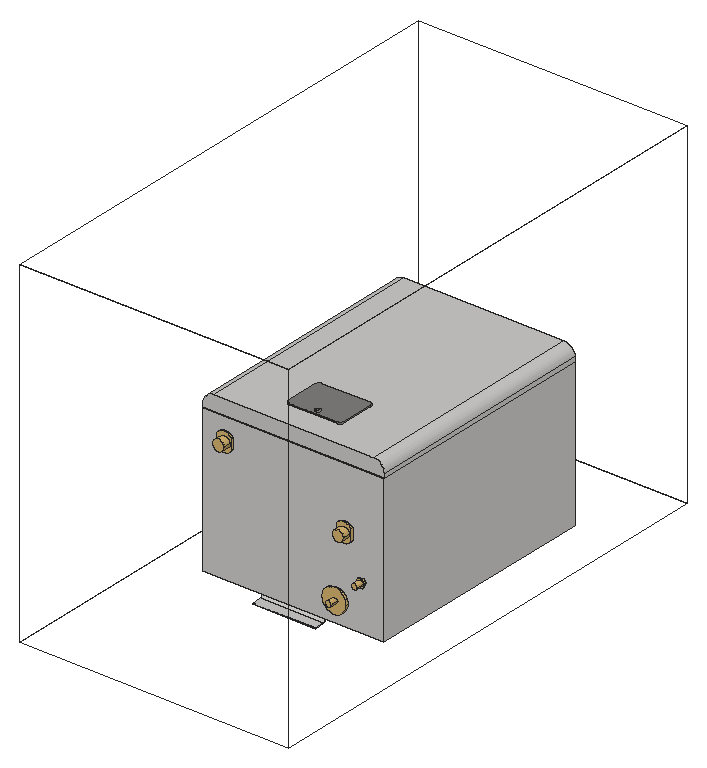
Revit family "Water_Boiler-Navien-NFB-C-Condensing-NFB-399C-02", category Mechanical Equipment, host Face, Revit 2017
Family settings
  Host = Face
  Round Connector Dimension = Use Diameter
  Part Type = Normal
  OmniClass Number = 23.65.35.11
  OmniClass Title = Supply Water Heaters
  Cut with Voids When Loaded = No
  Shared = No
  Room Calculation Point = No
Parameters (values of type "NFB-399C")
  Width = 25.1"  # constant formula
  Wi-Fi Ready = "NaviLink Wi‑Fi Control: This add-on accessory enables access to control temperatures remotely, access usage data and receive diagnostic notifications via smartphone or tablet."  # constant formula
  Weight = 278.00 lbf  # constant formula
  Water Pressure = "12-160 psi"  # constant formula
  Warranty Note = "This 10/15 year limited pro-rated warranty on heat exchangers, 3/5 year limited warranty on parts, and 1 year limited-labor warranty (“Warranty”) covers defects in materials or workmanship when the Navien NFB-C Boiler (“Product”) is installed by a properly licensed plumber or contractor, and installed in strict compliance with the Installation & Operations manual procedures, subject to the terms within this Warranty document. Improper installation or use will void this Warranty. This Warranty runs from date of installation and extends to the original purchaser and subsequent owners, but only while the Product remains at the site of the original installation. This Warranty includes both a limited and pro-rated warranty as set"  # constant formula
  Warranty = "https://www.navieninc.com/warranties"
  Voltage = 120 V
  Version = "2017 - v1.0.a"  # constant formula
  Venting Type = "Forced draft direct vent and non-direct vent (single pipe)"  # constant formula
  Venting = "Exhaust: 3\" or 4\" PVC, CPVC, PP and SS | 3\" or 4\" special gas vent type BH (Class III, A/B/C), Intake: 3\" or 4\" PVC, CPVC, PP and SS | 3\" or 4\" special gas vent type BH (Class III, A/B/C), Vent Clearance: 0\" to combustibles"  # constant formula
  URL = "https://www.navieninc.com"
  Propane Gas Supply Pressure = "8.0\" to 13.5\" WC"  # constant formula
  Propane Gas Manifold Pressure = "-0.01\" to -0.90\" WC"  # constant formula
  Product Page URL = "https://www.navieninc.com/products/nfb-399c"
  Product Name = "NFB-C Series Condensing Heating Boilers"  # constant formula
  Product Documentation Link = "https://www.navieninc.com/downloads/nfb-c-submittal-sheet-en"
  Power Factor = 1
  Phase = 1
  Optional Heating Supply = 1.5"  # constant formula
  Optional Heating Return = 1.5"  # constant formula
  Number of Poles = 1
  Natural Gas Supply Pressure = "3.5\" to 10.5\" WC"  # constant formula
  Natural Gas Manifold Pressure = "-0.03\" to -1.85\" WC"  # constant formula
  Model = "NFB-399C"  # constant formula
  Material = ""
  Manufacturer Phone Number = "(949) 420-0420"  # constant formula
  Manufacturer Fax Number = "(949) 420-0430"  # constant formula
  Manufacturer Address = "20 Goodyear, Irvine, CA 92618"  # constant formula
  Manufacturer = "Navien, Inc."  # constant formula
  Keynote = "22 33 00.A1"
  Intake = 3"  # constant formula
  Installation Type = "Indoor Wall-Hung"  # constant formula
  Ignition = "Electronic ignition"  # constant formula
  Height = 32.8"  # constant formula
  Heating Supply = 1.5"  # constant formula
  Heating Return = 1.5"  # constant formula
  Heating Capacity Note = "26000 to 399000 BTUh"  # constant formula
  Heating Capacity = 389000.0 Btu/h
  Gas Connection Size = 3/4"  # constant formula
  Frequency = 60 Hz
  Finish = Metal - Navien - Stainless Steel
  Exhaust = 3"  # constant formula
  Description = "High Efficiency Condensing Heating Boiler"  # constant formula
  Depth = 22.3"  # constant formula
  Default Elevation = 48.0"
  Condensate Outlet = 0.75"  # constant formula
  Certifications = "Energy Star | AHRI | CSA | ASME | CSA Blue Star | CSA Blue Flame"  # constant formula
  Copyright = "All contents copyright © Navien Inc."  # constant formula
  Clearance [instance] = yes
  Assembly Code = "D3010500"
  Apparent Load = 0 VA
Reference planes (in)
  plane 1 "Center (Front/Back)": y = 0
  plane 2: z = 0
  plane 3 "Center (Left/Right)": x = 0
  plane 4: x = -12.55
  plane 5: x = 12.55
  plane 6: x = -9.35
  plane 7: x = 5.85
  plane 8: x = 9.45
  plane 9: z = 0.50984
  plane 10: z = 3.40984
  plane 11: z = 6.80984
  plane 12: z = 12.30984
  plane 13: x = 7.15
  plane 14: z = 22.80984
  plane 15: z = 5.30984
  plane 16: x = 5.25
  plane 17: x = -5.35
  plane 18: z = 17.70984
Forms (in)
  Extrusion 1, solid, material "Metal - Navien - Stainless Steel" <- "Finish", detail levels medium+fine
    sketch origin (0, 11.47461, 0) x (1, 0, 0) y (0, 0, 1)
      loop
        line (-12.55, 20.80947) -> (12.55, 20.80947) -> (12.55, 21.32156)
        arc (12.55, 21.32156) -> (12.11409, 22.37394) -> (11.06172, 22.80984) r 1.48828
        line (11.06172, 22.80984) -> (-11.05, 22.80984)
        arc (-11.05, 22.80984) -> (-12.11066, 22.3705) -> (-12.55, 21.30984) r 1.5
        line (-12.55, 21.30984) -> (-12.55, 20.80947)
    from -21.39941 to 11.45886
  Extrusion 2, solid, material "Metal - Navien - Stainless Steel" <- "Finish", detail levels medium+fine
    sketch origin (1.63086, 11.47461, 0) x (0, 1, 0) y (0, 0, 1)
      loop
        line (-13.0691, 0.07874) -> (-13.0691, 0) -> (-11.6124, 0) -> (-11.07107, 0.43307) -> (-9.74233, 0.43307) -> (-9.74233, 0.50984) -> (-11.10115, 0.50984) -> (-11.64002, 0.07874) -> (-13.0691, 0.07874)
      loop
        line (17.37185, 0.33201) -> (17.37185, 0.25327) -> (17.76555, 0.25327) -> (18.25954, 0.43307) -> (19.4309, 0.43307) -> (19.4309, 0.50984) -> (18.24025, 0.50984) -> (17.75166, 0.33201) -> (17.37185, 0.33201)
    from -5.94492 to 2.6832
  Extrusion 3, solid, material "Metal - Navien - Stainless Steel" <- "Finish", detail levels medium+fine
    sketch origin (-1.73961, -168.52539, 9.44422) x (0, 0, 1) y (0, -1, 0)
      loop
        line (11.36524, -168.59281) -> (11.24759, -168.59281) -> (11.24759, -168.52539) -> (-8.93438, -168.52539) -> (-8.93438, -201.39941) -> (11.24759, -201.39941) -> (11.24759, -201.21043) -> (11.36524, -201.21043) -> (11.36524, -168.59281)
    from -10.81039 to 14.28961
  Extrusion 4, solid, material "Metal - Navien - Brass, Soft Yellow"
    sketch origin (1.63086, 11.47461, 0) x (1, 0, 0) y (0, 0, 1)
      loop
        circle (-10.98086, 17.70984) r 0.75
      loop
        circle (5.51914, 12.30984) r 0.75
      loop
        circle (7.81914, 6.80984) r 0.375
      loop
        circle (4.21914, 3.40984) r 0.375
    from 11.47461 to 12.70689
  Extrusion 5, solid, material "Clearances - Navien", visible <- "Clearance"
    sketch origin (1.63086, 30.79844, 4.3925) x (0, 1, 0) y (-1, 0, 0)
      loop
        line (14.07557, 20.18086) -> (-54.79844, 20.18086) -> (-54.79844, -16.91914) -> (14.07557, -16.91914) -> (14.07557, 20.18086)
    from -4.38266 to 42.41734
  Extrusion 6, solid, material "Metal - Navien - Stainless Steel" <- "Finish", detail levels coarse
    sketch origin (0, 30.79844, 4.3925) x (0, 1, 0) y (-1, 0, 0)
      loop
        line (2.07557, 12.55) -> (-30.79844, 12.55) -> (-30.79844, -12.55) -> (2.07557, -12.55) -> (2.07557, 12.55)
    from -3.88266 to 18.41734
  Extrusion 7, solid, material "Metal - Navien - Brass, Soft Yellow"
    sketch origin (-2.65344, 11.47461, -0.79319) x (-1, 0, 0) y (0, 0, -1)
      loop
        circle (6.70572, -18.48508) r 0.75
    from -22.87579 to -21.39941
  Extrusion 8, solid, material "Metal - Navien - Black", detail levels medium+fine
    sketch origin (1.5582, 34.7295, 11.01593) x (0, 1, 0) y (-1, 0, 0)
      loop
        arc (-25.69087, 4.83719) -> (-25.84947, 5.22008) -> (-26.23235, 5.37867) r 0.54148
        line (-26.23235, 5.37867) -> (-30.71728, 5.37867)
        arc (-30.71728, 5.37867) -> (-31.10122, 5.21964) -> (-31.26025, 4.83571) r 0.54297
        line (-31.26025, 4.83571) -> (-31.26025, -1.7193)
        arc (-31.26025, -1.7193) -> (-31.10122, -2.10324) -> (-30.71728, -2.26227) r 0.54297
        line (-30.71728, -2.26227) -> (-26.23384, -2.26227)
        arc (-26.23384, -2.26227) -> (-25.8499, -2.10324) -> (-25.69087, -1.7193) r 0.54297
        line (-25.69087, -1.7193) -> (-25.69087, 4.83719)
    from 11.79391 to 11.94942
  Revolve 9, solid, material "Metal - Navien - Black", detail levels medium+fine
    sketch origin (0, 0, -0.06417) x (0, 1, 0) y (0, 0, 1)
      loop
        line (4.21614, 23.02953) -> (4.5764, 23.02953) -> (4.50365, 23.06327)
        arc (4.50365, 23.06327) -> (4.36032, 23.0792) -> (4.21614, 23.08268) r 1.66732
        line (4.21614, 23.08268) -> (4.21614, 23.02953)
      axis (4.21614, 23.02953) -> (4.21614, 23.08268)
    angle from 0 to 360
  Extrusion 10, solid, material "Metal - Navien - Brass, Soft Yellow", detail levels medium+fine
    sketch origin (16.78119, 11.47461, 2.31992) x (1, 0, 0) y (0, 0, 1)
      loop
        arc (-8.09172, 11.24832) -> (-9.64035, 12.04026) -> (-11.18899, 11.24832) r 1.91014
        line (-11.18899, 11.24832) -> (-11.18899, 8.86578)
        arc (-11.18899, 8.86578) -> (-9.64035, 8.07385) -> (-8.09172, 8.86578) r 1.91014
        line (-8.09172, 8.86578) -> (-8.09172, 11.24832)
      loop
        arc (-24.59172, 16.56324) -> (-26.14035, 17.35518) -> (-27.68899, 16.56324) r 1.91014
        line (-27.68899, 16.56324) -> (-27.68899, 14.1807)
        arc (-27.68899, 14.1807) -> (-26.14035, 13.38876) -> (-24.59172, 14.1807) r 1.91014
        line (-24.59172, 14.1807) -> (-24.59172, 16.56324)
    from -21.39941 to -21.73405
  Extrusion 11, solid, material "Metal - Navien - Brass, Soft Yellow"
    sketch origin (13.53135, 11.47461, 2.32828) x (-1, 0, 0) y (0, 0, -1)
      loop
        circle (6.39051, -10.04869) r 0.75
    from -22.87579 to -21.39941
  Extrusion 12, solid, material "Metal - Navien - Brass, Soft Yellow", detail levels medium+fine
    sketch origin (0, 0, 0) x (1, 0, 0) y (0, 0, 1)
      loop
        line (10.05629, 6.80984) -> (9.75315, 7.33491) -> (9.14685, 7.33491) -> (8.84371, 6.80984) -> (9.14685, 6.28478) -> (9.75315, 6.28478) -> (10.05629, 6.80984)
      loop
        circle (5.85, 3.40984) r 1.65797
      loop
        arc (-8.33657, 18.48941) -> (-9.35, 19.00766) -> (-10.36343, 18.48941) r 1.25
        line (-10.36343, 18.48941) -> (-10.36343, 16.93028)
        arc (-10.36343, 16.93028) -> (-9.35, 16.41203) -> (-8.33657, 16.93028) r 1.25
        line (-8.33657, 16.93028) -> (-8.33657, 18.48941)
      loop
        arc (8.16343, 13.08941) -> (7.15, 13.60766) -> (6.13657, 13.08941) r 1.25
        line (6.13657, 13.08941) -> (6.13657, 11.53028)
        arc (6.13657, 11.53028) -> (7.15, 11.01203) -> (8.16343, 11.53028) r 1.25
        line (8.16343, 11.53028) -> (8.16343, 13.08941)
    from 0 to 0.24898
Lines and regions (in)
  Split face 1
    outline origin (1.5582, 34.7295, 22.96536) x (0, 1, 0) y (-1, 0, 0)
      loop
        arc (-26.51152, 4.45598) -> (-26.54119, 4.52761) -> (-26.61282, 4.55728) r 0.1013
        line (-26.61282, 4.55728) -> (-29.72465, 4.55728)
        arc (-29.72465, 4.55728) -> (-29.79647, 4.52754) -> (-29.82622, 4.45572) r 0.10156
        line (-29.82622, 4.45572) -> (-29.82622, -1.33932)
        arc (-29.82622, -1.33932) -> (-29.79647, -1.41113) -> (-29.72465, -1.44088) r 0.10156
        line (-29.72465, -1.44088) -> (-26.61308, -1.44088)
        arc (-26.61308, -1.44088) -> (-26.54126, -1.41113) -> (-26.51152, -1.33932) r 0.10156
        line (-26.51152, -1.33932) -> (-26.51152, 4.45598)
  model lines, style "Clearance", visible <- "Clearance"
    curve 1: line (18.55, 44.87402, 46.80984) -> (18.55, -24, 46.80984)
    curve 2: line (18.55, -24, 46.80984) -> (-18.55, -24, 46.80984)
    curve 3: line (-18.55, -24, 46.80984) -> (-18.55, 44.87402, 46.80984)
    curve 4: line (-18.55, 44.87402, 46.80984) -> (18.55, 44.87402, 46.80984)
    curve 11: line (18.55, -24, 46.80984) -> (18.55, -24, -0.1)
    curve 12: line (-18.55, -24, 46.80984) -> (-18.55, -24, -0.1)
    curve 13: line (18.55, 44.87402, 46.80984) -> (18.55, 44.87402, -0.1)
    curve 14: line (-18.55, 44.87402, 46.80984) -> (-18.55, 44.87402, -0.1)
    curve 15: line (18.55, -24, 0.00984) -> (18.55, 44.87402, 0.00984)
    curve 16: line (-18.55, 44.87402, 0.00984) -> (-18.55, -24, 0.00984)
    curve 17: line (-18.55, -24, 0.00984) -> (18.55, -24, 0.00984)
    curve 18: line (18.55, 44.87402, 0.00984) -> (-18.55, 44.87402, 0.00984)
  model lines, style "MechanicalEquipment", detail levels medium+fine
    curve 5: arc (0.81191, 4.20102, 22.96536) -> (0.73991, 4.5353, 22.96536) -> (0.53666, 4.81028, 22.96536) r 0.81191
    curve 6: arc (-0.81191, 4.20102, 22.96536) -> (-0.73944, 3.86572, 22.96536) -> (-0.53497, 3.59028, 22.96536) r 0.81191
    curve 7: arc (-0.53666, 4.81028, 22.96536) -> (0, 4.84613, 22.96536) -> (0.53666, 4.81028, 22.96536) r 4.03482
    curve 8: arc (-0.53497, 3.59028, 22.96536) -> (0, 3.55465, 22.96536) -> (0.53497, 3.59028, 22.96536) r 4.03482
  model lines, detail levels medium+fine
    curve 9: arc (0.53497, 3.59028, 22.96536) -> (0.73944, 3.86572, 22.96536) -> (0.81191, 4.20102, 22.96536) r 0.81191
    curve 10: arc (-0.53666, 4.81028, 22.96536) -> (-0.73991, 4.5353, 22.96536) -> (-0.81191, 4.20102, 22.96536) r 0.81191
Dimensions and locks (in)
  Extrusion 5 to Extrusion 3 = 20.79962"
  plane 4 to plane 6 = 3.2"
  plane 4 to plane 7 = 18.4"
  plane 8 to plane 4 = 22.0"
  plane 4 to plane 5 = 25.1"
  plane 10 to plane 9 = 2.9"
  plane 11 to plane 9 = 6.3"
  plane 12 to plane 9 = 11.8"
  plane 13 to plane 6 = 16.5"
  plane 9 to plane 14 = 22.3"
  plane 9 to plane 15 = 4.8"
  plane 16 to plane 17 = 10.6"
  plane 17 to plane 4 = 7.2"
  plane 18 to plane 9 = 17.2"
  aligned and locked: plane 2 to host face
  aligned and locked: level to host face
Nested families (in)
  nested 1: "Intake_Exhaust" at (5.25, 32.87402, 5.30984) x (0, 0, -1) z (0, 1, 0), type "Intake_Exhaust"
  nested 2: "Intake_Exhaust" at (-5.35, 32.87402, 5.30984) x (0, 0, -1) z (0, 1, 0), type "Intake_Exhaust"
Connectors (in)
  electrical at (0, 16.43701, 0.50984), driven by "Power Factor", driven by "Voltage", driven by "Apparent Load", driven by "Number of Poles"
    settings: on Extrusion 3, index 1, voltage 120 V, apparent load 0 VA, apparent load phase1 0 VA, apparent load phase2 0 VA, apparent load phase3 0 VA, power factor 1, load classification "Other", number of poles 1, system type 31, power factor state 1, is connector primary yes, connector utility no, sub classification motor no, connector description "Electrical Connector"
  hvac at (-5.35, 36.24325, 5.30984), driven by "Intake"
    settings: on nested 2, index 2, duct flow 0 CFM, flow factor 0, pres drop 0.00 in-wg, loss coef 0, conn angle 0.00°, conn width 12", conn height 12", conn diameter 3", duct sys type 4, conn prof type 0, flow config 0, flow direction 1, loss method 0, conn ref index -1, conn util no, is conn primary yes, conn desc "Air Intake Connection"
  hvac at (5.25, 36.24325, 5.30984), driven by "Exhaust"
    settings: on nested 1, index 3, duct flow 0 CFM, flow factor 0, pres drop 0.00 in-wg, loss coef 0, conn angle 0.00°, conn width 12", conn height 12", conn diameter 3", duct sys type 3, conn prof type 0, flow config 0, flow direction 2, loss method 0, conn ref index -1, conn util no, is conn primary no, conn desc "Exhaust Gas Vent Connection"
  piping at (-9.35916, 34.3504, 17.69189), diameter 1.5, driven by "Optional Heating Supply"
    settings: on Extrusion 7, index 4, connector inside diameter 24", connector length 0.0", flow factor 0, pipe flow 0 GPM, pressure drop 0.00 psi, fitting loss kfactor 0, connector angle 0.00°, fixture units 0, engagement length 0.0", angle of deflection 0.00°, flow configuration 0, flow direction 2, fitting loss method 0, system type 7, joint type 0, gender type 0, connector reference index -1, connector utility 0, adjustable connector no, is connector primary yes, connector description "Optional Heating Supply Connection"
  piping at (7.14084, 34.3504, 12.37698), diameter 1.5, driven by "Optional Heating Return"
    settings: on Extrusion 11, index 6, connector inside diameter 24", connector length 0.0", flow factor 0, pipe flow 0 GPM, pressure drop 0.00 psi, fitting loss kfactor 0, connector angle 0.00°, fixture units 0, engagement length 0.0", angle of deflection 0.00°, flow configuration 0, flow direction 1, fitting loss method 0, system type 8, joint type 0, gender type 0, connector reference index -1, connector utility 0, adjustable connector no, is connector primary no, connector description "Optional Heating Return Connection"
  piping at (7.15, -1.23228, 12.30984), diameter 1.5, driven by "Heating Return"
    settings: on Extrusion 4, index 7, connector inside diameter 24", connector length 0.0", flow factor 0, pipe flow 0 GPM, pressure drop 0.00 psi, fitting loss kfactor 0, connector angle 0.00°, fixture units 0, engagement length 0.0", angle of deflection 0.00°, flow configuration 0, flow direction 1, fitting loss method 0, system type 8, joint type 0, gender type 0, connector reference index -1, connector utility 0, adjustable connector no, is connector primary no, connector description "Heating Return Connection"
  piping at (-9.35, -1.23228, 17.70984), diameter 1.5, driven by "Heating Supply"
    settings: on Extrusion 4, index 8, connector inside diameter 24", connector length 0.0", flow factor 0, pipe flow 0 GPM, pressure drop 0.00 psi, fitting loss kfactor 0, connector angle 0.00°, fixture units 0, engagement length 0.0", angle of deflection 0.00°, flow configuration 0, flow direction 2, fitting loss method 0, system type 7, joint type 0, gender type 0, connector reference index -1, connector utility 0, adjustable connector no, is connector primary no, connector description "Heating Supply Connection"
  piping at (9.45, -1.23228, 6.80984), diameter 0.75, driven by "Gas Connection Size"
    settings: on Extrusion 4, index 9, connector inside diameter 24", connector length 0.0", flow factor 0, pipe flow 0 GPM, pressure drop 0.00 psi, fitting loss kfactor 0, connector angle 0.00°, fixture units 0, engagement length 0.0", angle of deflection 0.00°, flow configuration 0, flow direction 1, fitting loss method 0, system type 22, joint type 0, gender type 0, connector reference index -1, connector utility 0, adjustable connector no, is connector primary no, connector description "Natural Gas Connection"
  piping at (5.85, -1.23228, 3.40984), diameter 0.75, driven by "Condensate Outlet"
    settings: on Extrusion 4, index 10, connector inside diameter 24", connector length 0.0", flow factor 0, pipe flow 0 GPM, pressure drop 0.00 psi, fitting loss kfactor 0, connector angle 0.00°, fixture units 0, engagement length 0.0", angle of deflection 0.00°, flow configuration 0, flow direction 0, fitting loss method 0, system type 7, joint type 0, gender type 0, connector reference index -1, connector utility 0, adjustable connector no, is connector primary no, connector description "Condensate Outlet Connection"
Definition of nested family "Intake_Exhaust"
  Parameters (values of type "Intake_Exhaust")
    Finish = none
    Default Elevation = 48.0"
  Reference planes (in)
    plane 1 "Center (Front/Back)": y = 0
    plane 2: z = 0
    plane 3 "Center (Left/Right)": x = 0
  Forms (in)
    Extrusion 1, solid
      sketch origin (0, 0, 0) x (1, 0, 0) y (0, 1, 0)
        loop
          line (-48, 48) -> (-48, -48) -> (48, -48) -> (48, 48) -> (-48, 48)
      from 0 to -12
    Extrusion 2, solid, material <- "Finish", detail levels fine
      sketch origin (0, 0, 0) x (1, 0, 0) y (0, 1, 0)
        loop
          arc (1.61561, 2.29194) -> (0.84743, 2.67303) -> (0, 2.80414) r 2.80414
          arc (0, 2.80414) -> (-0.84743, 2.67303) -> (-1.61561, 2.29194) r 2.80414
          line (-1.61561, 2.29194) -> (-1.89877, 2.29194)
          arc (-1.89877, 2.29194) -> (-1.97219, 2.27734) -> (-2.03443, 2.23575) r 0.19185
          line (-2.03443, 2.23575) -> (-2.23588, 2.0343)
          arc (-2.23588, 2.0343) -> (-2.27737, 1.9722) -> (-2.29194, 1.89895) r 0.19141
          line (-2.29194, 1.89895) -> (-2.29194, 1.61561)
          arc (-2.29194, 1.61561) -> (-2.67303, 0.84743) -> (-2.80414, 0) r 2.80414
          arc (-2.80414, 0) -> (-2.67303, -0.84743) -> (-2.29194, -1.61561) r 2.80414
          line (-2.29194, -1.61561) -> (-2.29194, -1.89895)
          arc (-2.29194, -1.89895) -> (-2.27737, -1.9722) -> (-2.23588, -2.0343) r 0.19141
          line (-2.23588, -2.0343) -> (-2.03443, -2.23575)
          arc (-2.03443, -2.23575) -> (-1.97219, -2.27734) -> (-1.89877, -2.29194) r 0.19185
          line (-1.89877, -2.29194) -> (-1.61561, -2.29194)
          arc (-1.61561, -2.29194) -> (-0.84743, -2.67303) -> (0, -2.80414) r 2.80414
          arc (0, -2.80414) -> (0.84743, -2.67303) -> (1.61561, -2.29194) r 2.80414
          line (1.61561, -2.29194) -> (1.89877, -2.29194)
          arc (1.89877, -2.29194) -> (1.97219, -2.27734) -> (2.03443, -2.23575) r 0.19185
          line (2.03443, -2.23575) -> (2.23588, -2.0343)
          arc (2.23588, -2.0343) -> (2.27737, -1.9722) -> (2.29194, -1.89895) r 0.19141
          line (2.29194, -1.89895) -> (2.29194, -1.61561)
          arc (2.29194, -1.61561) -> (2.67303, -0.84743) -> (2.80414, 0) r 2.80414
          arc (2.80414, 0) -> (2.67303, 0.84743) -> (2.29194, 1.61561) r 2.80414
          line (2.29194, 1.61561) -> (2.29194, 1.89895)
          arc (2.29194, 1.89895) -> (2.27737, 1.9722) -> (2.23588, 2.0343) r 0.19141
          line (2.23588, 2.0343) -> (2.03443, 2.23575)
          arc (2.03443, 2.23575) -> (1.97219, 2.27734) -> (1.89877, 2.29194) r 0.19185
          line (1.89877, 2.29194) -> (1.61561, 2.29194)
      from 0 to 0.23531
    Extrusion 3, solid, material <- "Finish", detail levels fine
      sketch origin (0, 0, 0) x (1, 0, 0) y (0, 1, 0)
        loop
          circle (0, 0) r 2.00996
        loop
          circle (0, 0) r 1.5
      from 1.65263 to 3.36923
    Extrusion 4, solid, material <- "Finish", detail levels fine
      sketch origin (0, 0, 0) x (1, 0, 0) y (0, 1, 0)
        loop
          circle (0, 0) r 1.92953
        loop
          circle (0, 0) r 1.5
      from 0 to 1.65263
    Extrusion 5, solid, material <- "Finish", detail levels coarse+medium
      sketch origin (0, 0, 0) x (1, 0, 0) y (0, 1, 0)
        loop
          line (-2.29194, 2.29194) -> (-2.29194, -2.29194) -> (2.29194, -2.29194) -> (2.29194, 2.29194) -> (-2.29194, 2.29194)
      from 0 to 0.23531
    Extrusion 6, solid, material <- "Finish", detail levels coarse+medium
      sketch origin (0, 0, 0) x (1, 0, 0) y (0, 1, 0)
        loop
          circle (0, 0) r 2.80414
      from 0 to 0.23531
    Extrusion 7, solid, material <- "Finish", detail levels coarse+medium
      sketch origin (0, 0, 0) x (1, 0, 0) y (0, 1, 0)
        loop
          circle (0, 0) r 2.00996
      from 0.23531 to 3.36923
    Extrusion 8, solid, material <- "Finish", detail levels fine
      sketch origin (0, -0.00896, 0) x (1, 0, 0) y (0, 0, 1)
        loop
          line (-1.86598, 2.39234) -> (-2.1469, 2.39234) -> (-2.57863, 0.86224) -> (-2.57863, 0.23531) -> (-1.86598, 0.23531) -> (-1.86598, 2.39234)
      from -0.0824 to 0.06448
    Extrusion 9, solid, material <- "Finish", detail levels fine
      sketch origin (0, -0.00896, 0) x (-1, 0, 0) y (0, 0, -1)
        loop
          line (-1.86598, -2.39234) -> (-1.86598, -0.23531) -> (-2.57863, -0.23531) -> (-2.57863, -0.86224) -> (-2.1469, -2.39234) -> (-1.86598, -2.39234)
      from -0.0824 to 0.06448
    Extrusion 10, solid, material <- "Finish", detail levels fine
      sketch origin (-0.00896, 0, 0) x (0, -1, 0) y (0, 0, 1)
        loop
          line (-1.86598, 2.39234) -> (-2.1469, 2.39234) -> (-2.57863, 0.86224) -> (-2.57863, 0.23531) -> (-1.86598, 0.23531) -> (-1.86598, 2.39234)
      from -0.0824 to 0.06448
    Extrusion 11, solid, material <- "Finish", detail levels fine
      sketch origin (-0.00896, 0, 0) x (0, 1, 0) y (0, 0, -1)
        loop
          line (-1.86598, -2.39234) -> (-1.86598, -0.23531) -> (-2.57863, -0.23531) -> (-2.57863, -0.86224) -> (-2.1469, -2.39234) -> (-1.86598, -2.39234)
      from -0.0824 to 0.06448
  Cuts and joins
    joined: Extrusion 5, Extrusion 6
  Dimensions and locks (in)
    aligned and locked: plane 2 to Extrusion 1
    aligned and locked: level to Extrusion 1
